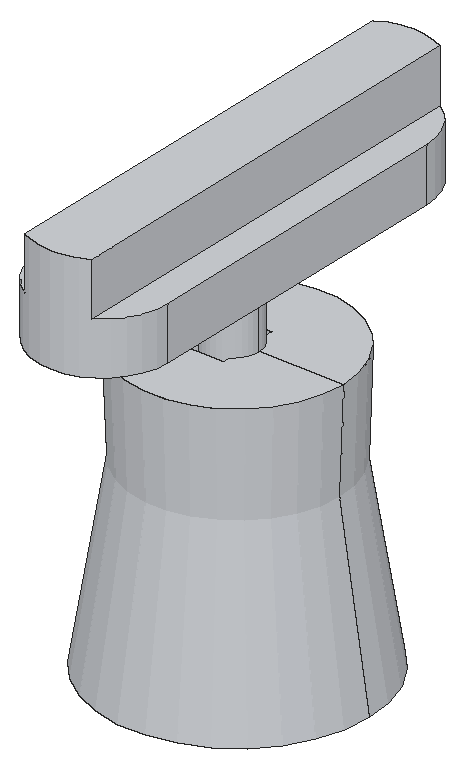
Revit family "S90-SPOT BL 2000 DALI 930 60°_Unhosted", category Lighting Fixtures, Revit 2016
Family settings
  Part Type = Normal
  Round Connector Dimension = Use Diameter
  OmniClass Number = 23.80.70.00
  OmniClass Title = Lighting
  Work Plane-Based = Yes
  Always vertical = Yes
  Cut with Voids When Loaded = No
  Light Source = Yes
  Shared = No
  Room Calculation Point = No
Parameters
  Wiring Accessories = ""
  Width = 100 mm
  Wattage Comments = ""
  Wattage = 19 W
  VoltageMax = 240 V
  built-in parameter 1150110 = 1 (stored number, unit not read)
  Voltage = 220 V
  UpdateDate = "16.10.2020 07:42:46"
  URL UK = "http://glamox.com/uk/products/S90-SPOT"
  URL Sweden = "http://glamox.com/se/produkter/S90-SPOT/items/S90225517"
  URL Russia = "http://glamox.com/ru/products/S90-SPOT/items/S90225517"
  URL Other = "http://glamox.com/gsx/products/S90-SPOT/items/S90225517"
  URL Norway = "http://glamox.com/no/produkter/S90-SPOT/items/S90225517"
  URL Ireland = "http://glamox.com/ie/products/S90-SPOT"
  URL Germany = "http://glamox.com/de/products/S90-SPOT"
  URL Finland = "http://glamox.com/fi/products/S90-SPOT"
  URL Estonia = "http://glamox.com/ee/products/S90-SPOT"
  URL Denmark = "http://glamox.com/dk/produkter/S90-SPOT"
  URL = ""
  TypeOfEmergency = ""
  TypeOfBallast = "DALI"
  TotalWattage = 19 W
  Total Load = 19 W
  built-in parameter 1114217 = 1 (stored number, unit not read)
  Tilt Angle = 90.00°
  Termination = ""
  built-in parameter 1150109 = 1 (stored number, unit not read)
  built-in parameter 1150134 = 3
  built-in parameter 1150113 = 1 (stored number, unit not read)
  Specification = "Spotlight luminaries, in Aluminium, for Surface/Track mounting, IP20, light source LED, lumen out 2310lm, ballast type DALI."
  Remark = ""
  RatedVoltage = 220 V
  PowerFactor = 98.00%
  Power factor = 0.98
  Power Factor = 0.98
  Plug Type = ""
  Photometric Web File = "S90-SPOT-2000-DALI-930-60.ies"
  Optic = ""
  NumberOfSources = 1
  Number of Poles = 1
  built-in parameter 1150142 = "IESNA:LM-63-1995\r\n[TEST]\t\t225513\r\n[MANUFAC]\tGlamox\r\n[LUMCAT]\t225513\r\n[LUMINAIRE]\tS90-SPOT 2000 DALI 930 60�\r\n[LAMP]\t\tS90-S 2000 930\r\n[DATE]\t\t2020-10-02\r\nTILT=NONE\r\n1 2310.0 2.310 181 1 1 2 -0.07 -0.07 0\r\n1.0 1 19.0\r\n0.0 1.0 2.0 3.0 4.0 5.0 6.0 7.0 8.0 9.0 10.0 11.0 12.0 13.0 14.0 15.0 16.0 17.0 18.0 19.0 20.0 21.0 22.0 23.0 24.0 25.0 26.0 27.0\r\n 28.0 29.0 30.0 31.0 32.0 33.0 34.0 35.0 36.0 37.0 38.0 39.0 40.0 41.0 42.0 43.0 44.0 45.0 46.0 47.0 48.0 49.0 50.0 51.0 52.0 53.0\r\n 54.0 55.0 56.0 57.0 58.0 59.0 60.0 61.0 62.0 63.0 64.0 65.0 66.0 67.0 68.0 69.0 70.0 71.0 72.0 73.0 74.0 75.0 76.0 77.0 78.0 79.0\r\n 80.0 81.0 82.0 83.0 84.0 85.0 86.0 87.0 88.0 89.0 90.0 91.0 92.0 93.0 94.0 95.0 96.0 97.0 98.0 99.0 100.0 101.0 102.0 103.0 104.0\r\n 105.0 106.0 107.0 108.0 109.0 110.0 111.0 112.0 113.0 114.0 115.0 116.0 117.0 118.0 119.0 120.0 121.0 122.0 123.0 124.0 125.0\r\n 126.0 127.0 128.0 129.0 130.0 131.0 132.0 133.0 134.0 135.0 136.0 137.0 138.0 139.0 140.0 141.0 142.0 143.0 144.0 145.0 146.0\r\n 147.0 148.0 149.0 150.0 151.0 152.0 153.0 154.0 155.0 156.0 157.0 158.0 159.0 160.0 161.0 162.0 163.0 164.0 165.0 166.0 167.0\r\n 168.0 169.0 170.0 171.0 172.0 173.0 174.0 175.0 176.0 177.0 178.0 179.0 180.0\r\n0.0\r\n1098.7 1098.7 1097.9 1097.2 1096.4 1093.8 1088.8 1081.2 1070.6 1060.1 1049.5 1033.3 1016.5 995.8 974.8 953.8 931.9 908.0 883.5\r\n 857.7 831.8 806.0 780.1 754.2 728.1 702.0 675.9 649.7 623.3 596.6 569.0 541.3 513.7 481.8 448.0 409.3 366.6 323.9 281.2 238.0\r\n 194.9 161.0 127.2 93.3 68.8 50.7 43.0 36.4 29.7 24.5 20.8 17.9 15.3 12.7 10.5 8.9 7.9 7.2 6.5 5.8 5.5 0.0 0.0 0.0 0.0 0.0 0.0 0.0\r\n 0.0 0.0 0.0 0.0 0.0 0.0 0.0 0.0 0.0 0.0 0.0 0.0 0.0 0.0 0.0 0.0 0.0 0.0 0.0 0.0 0.0 0.0 0.0 0.0 0.0 0.0 0.0 0.0 0.0 0.0 0.0 0.0\r\n 0.0 0.0 0.0 0.0 0.0 0.0 0.0 0.0 0.0 0.0 0.0 0.0 0.0 0.0 0.0 0.0 0.0 0.0 0.0 0.0 0.0 0.0 0.0 0.0 0.0 0.0 0.0 0.0 0.0 0.0 0.0 0.0\r\n 0.0 0.0 0.0 0.0 0.0 0.0 0.0 0.0 0.0 0.0 0.0 0.0 0.0 0.0 0.0 0.0 0.0 0.0 0.0 0.0 0.0 0.0 0.0 0.0 0.0 0.0 0.0 0.0 0.0 0.0 0.0 0.0\r\n 0.0 0.0 0.0 0.0 0.0 0.0 0.0 0.0 0.0 0.0 0.0 0.0 0.0 0.0 0.0 0.0 0.0\r\n\r\n"
  NominalFrequencyRange = 50 Hz
  ModelReference = "S90-SPOT"
  ModelLabel = "S90-SPOT BL 2000 DALI 930 60°"
  MaintenanceFactor = 0
  MFArtNo = "S90225517"
  built-in parameter 1150105 = 183.82 (stored number, unit not read)
  Lumens = 2310 lm
  built-in parameter 1150115 = 1 (stored number, unit not read)
  LumLenght = 80 mm
  Load Classification [instance] = Other
  Model = ""
  Manufacturer = "Glamox"
  LightFixturePlacingType = "CEILING"
  LightFixtureMountingType = "TRACKMOUNTED"
  built-in parameter 1150137 = (empty or 0)
  built-in parameter 1150139 = (empty or 0)
  LampBase = ""
  Lamp Wattage Comments = ""
  built-in parameter 1150112 = 1 (stored number, unit not read)
  built-in parameter 1150114 = 1 (stored number, unit not read)
  Lamp = "LED"
  built-in parameter 1150132 = 2
  built-in parameter 1150102 = (empty or 0)
  built-in parameter 1150107 = 3200 (stored number, unit not read)
  built-in parameter 1150138 = (empty or 0)
  built-in parameter 1150106 = 1.8382 (stored number, unit not read)
  IP_Code = "20"
  IPClass = "20"
  IK_Code = ""
  IFC Classification = "Light Fixture"
  Height = 157 mm
  GlobalTradeItemNumber = "7020940420952"
  Glamox Mounting = "Surface"
  Glamox Family = "S90-SPOT"
  Glamox Category = "Spotlights"
  FrequencyMax = 60 Hz
  Frequency = 50 Hz
  Expired = "0"
  Emit from Circle Diameter = LumLenght  # 80 mm
  Emit Shape Visible in Rendering = no
  built-in parameter 1150104 = 11.295 (stored number, unit not read)
  ELNo Norway = ""
  ELNo Finland = ""
  EANNo = "7020940420952"
  DurationInBatteryMode = ""
  Dimming Lamp Color Temperature Shift = <None>
  Description = "S90-SPOT BL 2000 DALI 930 60°"
  Default Elevation = 1800 mm
  Cut Out = ""
  Completion = ""
  Color Filter = 16777215
  Body Material and Colour = Default
  built-in parameter 1114218 = 1 (stored number, unit not read)
  built-in parameter 1150133 = 10 (stored number, unit not read)
  Assembly Code = ""
  ArticleNumber = "S90225517"
  Apparent Load = 17 VA
  #Tubes = 1
  #Ballast = 1
  # ballast on a MCB16 type B fuse = "60"
Reference planes
  plane 1 "Light Source Axis (F/B)": y = 152.873
  plane 2 "Top": z = 150
  plane 3 "Light Source Axis (L/R)": x = -142.881
  plane 4 "Level": z = 0
  plane 5: x = -101.916
  plane 6: x = -181.916
Forms (mm)
  Extrusion 1, solid, not visible
    sketch origin (-129.684, 239.416, 0) x (1, 0, 0) y (0, 1, 0)
      loop
        line (-17.232, 209.833) -> (-17.232, 149.833) -> (-7.232, 149.833) -> (-7.232, 209.833) -> (-17.232, 209.833)
    from 0 to 25
  Extrusion 2, solid, not visible
    sketch origin (-129.684, 239.416, 0) x (1, 0, 0) y (0, 1, 0)
      loop
        line (-27.232, 209.833) -> (-27.232, 149.833) -> (2.768, 149.833) -> (2.768, 209.833) -> (-27.232, 209.833)
    from -10 to 0
  Extrusion 3, solid, not visible
    sketch origin (-129.684, 239.416, 0) x (1, 0, 0) y (0, 1, 0)
      loop
        circle (-12.232, 162.289) r 12.544
    from -18 to -10
  Blend 4, solid, not visible
    base sketch origin (-129.684, 239.416, 0) x (1, 0, 0) y (0, 1, 0)
      loop
        line (37.768, 220.598) -> (-62.232, 220.598) -> (-62.232, 174.833) -> (37.768, 174.833) -> (37.768, 220.598)
    top sketch origin (-129.684, 239.416, 0) x (1, 0, 0) y (0, 1, 0)
      loop
        line (-52.232, 216.058) -> (-52.232, 179.833) -> (27.768, 179.833) -> (27.768, 216.058) -> (-52.232, 216.058)
    from -18 to -148
  Extrusion 5, solid, not visible
    sketch origin (-129.684, 124.833, 0) x (1, 0, 0) y (0, 0, 1)
      loop
        arc (-52.232, -148) -> (-12.232, -163) -> (27.768, -148) r 60.833
        line (27.768, -148) -> (-52.232, -148)
    from -330.641 to -294.416
  Blend 6, solid, not visible
    base sketch origin (-129.684, 124.833, 0) x (1, 0, 0) y (0, 0, 1)
      loop
        line (-60.45, -41.166) -> (35.986, -41.166) -> (37.768, -18) -> (-62.232, -18) -> (-60.45, -41.166)
    top sketch origin (-129.684, 124.833, 0) x (1, 0, 0) y (0, 0, 1)
      loop
        line (-62.232, -41.166) -> (37.768, -41.166) -> (37.768, -18) -> (-62.232, -18) -> (-62.232, -41.166)
    from -294.416 to -264.416
  Extrusion 7, solid, not visible
    sketch origin (-129.684, 239.416, 0) x (1, 0, 0) y (0, 1, 0)
      loop
        arc (-62.232, 149.833) -> (-12.232, 141.833) -> (37.768, 149.833) r 160.25
        line (37.768, 149.833) -> (-62.232, 149.833)
    from -41.166 to -18
  Extrusion 8, solid, not visible
    sketch origin (-58.315, 239.416, 0) x (1, 0, 0) y (0, 1, 0)
      loop
        line (-17.232, 209.833) -> (-17.232, 149.833) -> (-7.232, 149.833) -> (-7.232, 209.833) -> (-17.232, 209.833)
    from 0 to 25
  Extrusion 9, solid, not visible
    sketch origin (-58.315, 239.416, 0) x (1, 0, 0) y (0, 1, 0)
      loop
        line (-27.232, 209.833) -> (-27.232, 149.833) -> (2.768, 149.833) -> (2.768, 209.833) -> (-27.232, 209.833)
    from -10 to 0
  Extrusion 10, solid, not visible
    sketch origin (-58.315, 239.416, 0) x (1, 0, 0) y (0, 1, 0)
      loop
        circle (-12.232, 162.289) r 12.544
    from -18 to -10
  Blend 11, solid, not visible
    base sketch origin (-58.315, 239.416, 0) x (1, 0, 0) y (0, 1, 0)
      loop
        line (37.768, 220.598) -> (-62.232, 220.598) -> (-62.232, 174.833) -> (37.768, 174.833) -> (37.768, 220.598)
    top sketch origin (-58.315, 239.416, 0) x (1, 0, 0) y (0, 1, 0)
      loop
        line (-52.232, 216.058) -> (-52.232, 179.833) -> (27.768, 179.833) -> (27.768, 216.058) -> (-52.232, 216.058)
    from -18 to -148
  Extrusion 12, solid, not visible
    sketch origin (-58.315, 124.833, 0) x (1, 0, 0) y (0, 0, 1)
      loop
        arc (-52.232, -148) -> (-12.232, -163) -> (27.768, -148) r 60.833
        line (27.768, -148) -> (-52.232, -148)
    from -330.641 to -294.416
  Blend 13, solid, not visible
    base sketch origin (-58.315, 124.833, 0) x (1, 0, 0) y (0, 0, 1)
      loop
        line (-60.45, -41.166) -> (35.986, -41.166) -> (37.768, -18) -> (-62.232, -18) -> (-60.45, -41.166)
    top sketch origin (-58.315, 124.833, 0) x (1, 0, 0) y (0, 0, 1)
      loop
        line (-62.232, -41.166) -> (37.768, -41.166) -> (37.768, -18) -> (-62.232, -18) -> (-62.232, -41.166)
    from -294.416 to -264.416
  Extrusion 14, solid, not visible
    sketch origin (-58.315, 239.416, 0) x (1, 0, 0) y (0, 1, 0)
      loop
        arc (-62.232, 149.833) -> (-12.232, 141.833) -> (37.768, 149.833) r 160.25
        line (37.768, 149.833) -> (-62.232, 149.833)
    from -41.166 to -18
  Revolve 15, solid
    sketch origin (-140.07, 150, 149.693) x (-1, 0, 0) y (0, 0, -1)
      loop
        line (0, 142) -> (-40, 142) -> (-48.5, 157) -> (-50, 157)
        spline (-50, 157) -> (-46.252, 136.273) -> (-43.426, 120.352) -> (-41.393, 108.498) -> (-40.024, 99.971) -> (-39.194, 94.031) -> (-38.772, 89.94) -> (-38.632, 86.956) -> (-38.657, 84.265) -> (-38.811, 80.546) -> (-39.089, 74.277) -> (-39.487, 63.937) -> (-40, 48)
        line (-40, 48) -> (0, 48) -> (0, 142)
      axis (0, 157) -> (0, 48)
    angle from 0 to 360
  Extrusion 16, solid
    sketch origin (-142.038, 150, 149.598) x (-1, 0, 0) y (0, 0, -1)
      loop
        line (-24.5, 20) -> (-24.5, 0) -> (-12.5, 0) -> (-12.5, -20) -> (12.5, -20) -> (12.5, 0) -> (24.5, 0) -> (24.5, 20) -> (-24.5, 20)
    from -85.5 to 85.5
  Extrusion 17, void
    sketch origin (-142.038, 150, 149.598) x (0, 1, 0) y (-1, 0, 0)
      loop
        line (61, -40) -> (95.5, -40) -> (95.5, 45) -> (61, 45) -> (61, 24.5)
        arc (61, 24.5) -> (85.5, 0) -> (61, -24.5) r 24.5
        line (61, -24.5) -> (61, -40)
    from -20 to 20
  Extrusion 18, void
    sketch origin (-142.038, 150, 149.598) x (0, 1, 0) y (-1, 0, 0)
      loop
        line (-61, -40) -> (-61, -24.5)
        arc (-61, -24.5) -> (-85.5, 0) -> (-61, 24.5) r 24.5
        line (-61, 24.5) -> (-61, 45) -> (-95.5, 45) -> (-95.5, -40) -> (-61, -40)
    from -20 to 20
  Extrusion 19, solid
    sketch origin (-142.038, 150, 149.598) x (0, 1, 0) y (-1, 0, 0)
      loop
        circle (0, 0) r 10
    from -87.601 to -20
  Extrusion 20, void
    sketch origin (-205.73, 150, 149.693) x (0, 1, 0) y (0, 0, -1)
      loop
        line (-11.27, 48) -> (11.211, 48) -> (11.211, 75.942)
        arc (11.211, 75.942) -> (-0.03, 87.183) -> (-11.27, 75.942) r 11.241
        line (-11.27, 75.942) -> (-11.27, 48)
    from -69.547 to -24.761
Cuts and joins
  Extrusion 17, Extrusion 18 cuts Extrusion 16
  Extrusion 20 cuts Revolve 15
Lines and regions (mm)
  symbolic lines
    curve 1: circle (-142.881, 152.873, 0) r 49.326 normal (0, 0, 1)
    curve 2: arc (-203.555, 152.873, 0) -> (-143.555, 212.873, 0) -> (-83.555, 152.873, 0) r 60
    curve 3: line (-142.881, 152.873, 0) -> (-177.76, 117.995, 0)
    curve 4: line (-142.881, 152.873, 0) -> (-177.76, 187.752, 0)
    curve 5: line (-142.881, 152.873, 0) -> (-108.002, 187.752, 0)
    curve 6: line (-142.881, 152.873, 0) -> (-108.002, 117.995, 0)
Dimensions and locks
  locked: plane 1 "Light Source Axis (F/B)" to curve 3 (angle 45.00°)
  locked: curve 4 to plane 1 "Light Source Axis (F/B)" (angle 45.00°)
  locked: curve 5 to curve 4 (angle 90.00°)
  locked: curve 3 to curve 6 (angle 90.00°)
  aligned and locked: imposter light to plane 3 "Light Source Axis (L/R)"
  aligned and locked: imposter light to plane 1 "Light Source Axis (F/B)"
  aligned and locked: Extrusion 18 to Extrusion 17
Connectors
  electrical at (-160.538, 150, 149.598), driven by "Load Classification", driven by "Voltage", driven by "Apparent Load", driven by "Power factor"
    settings: on cut or joined group of Extrusion 16, Extrusion 17, Extrusion 18, index 1, voltage 220 V, apparent load 0 VA, apparent load phase1 17 VA, apparent load phase2 0 VA, apparent load phase3 0 VA, power factor 0.98, load classification "Other", number of poles 1, system type 31, power factor state 1, is connector primary yes, connector utility no, sub classification motor no, connector description ""
